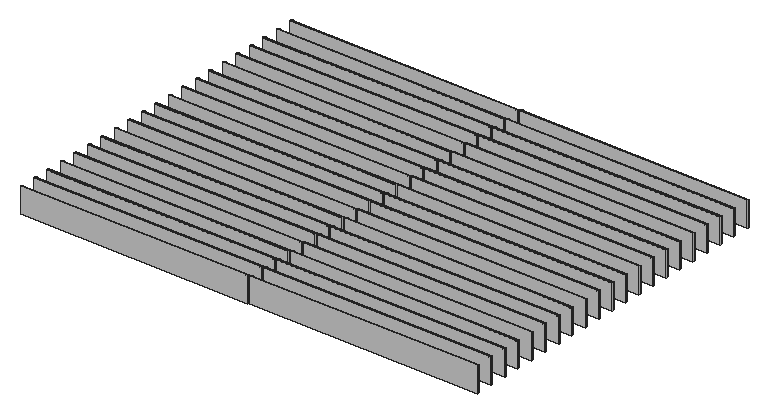
Revit family "BFL-SGL-001_RTV", category Modelos genéricos, Revit 2022
Family settings
  Puede alojar armadura = No
  Cota de conector redondo = Diámetro de uso
  Tipo de pieza = Normal
  Se basa en plano de trabajo = No
  Siempre vertical = Sí
  Corte con vacíos al cargar = No
  Mantener orientación de anotación = No
  Compartido = No
  Punto de cálculo de habitación = No
Parameters
  Elevación por defecto = 0.00"
Reference planes (in)
  plane 1 "Centro (Frontal/Posterior)": y = 0
  plane 2: z = 0
  plane 3 "Centro (Izquierda/Derecha)": x = 0
Forms (in)
  Extrusion 1, solid
    sketch origin (-108, 0, 0) x (1, 0, 0) y (0, 1, 0)
      loop
        line (0, 0.11811) -> (0, 0) -> (108, 0) -> (108, 0.11811) -> (0, 0.11811)
    from 0 to 12
  Extrusion 2, solid
    sketch origin (-108, 0, 0) x (1, 0, 0) y (0, 1, 0)
      loop
        line (0, 0.59055) -> (0, 0.11811) -> (108, 0.11811) -> (108, 0.59055) -> (0, 0.59055)
    from 0 to 12
  Extrusion 3, solid
    sketch origin (-108, 0.59055, 0) x (1, 0, 0) y (0, 1, 0)
      loop
        line (0, 0.11811) -> (0, 0) -> (108, 0) -> (108, 0.11811) -> (0, 0.11811)
    from 0 to 12
  Extrusion 4, solid, not visible
    sketch origin (0, 0, 0) x (1, 0, 0) y (0, 1, 0)
      loop
        line (0, 0.11811) -> (0, 0) -> (108, 0) -> (108, 0.11811) -> (0, 0.11811)
    from 0 to 12
  Extrusion 5, solid, not visible
    sketch origin (0, 0, 0) x (1, 0, 0) y (0, 1, 0)
      loop
        line (0, 0.59055) -> (0, 0.11811) -> (108, 0.11811) -> (108, 0.59055) -> (0, 0.59055)
    from 0 to 12
  Extrusion 6, solid, not visible
    sketch origin (0, 0.59055, 0) x (1, 0, 0) y (0, 1, 0)
      loop
        line (0, 0.11811) -> (0, 0) -> (108, 0) -> (108, 0.11811) -> (0, 0.11811)
    from 0 to 12
  Extrusion 7, solid
    sketch origin (-108, 8, 0) x (1, 0, 0) y (0, 1, 0)
      loop
        line (0, 0.11811) -> (0, 0) -> (108, 0) -> (108, 0.11811) -> (0, 0.11811)
    from 0 to 12
  Extrusion 8, solid
    sketch origin (-108, 8, 0) x (1, 0, 0) y (0, 1, 0)
      loop
        line (0, 0.59055) -> (0, 0.11811) -> (108, 0.11811) -> (108, 0.59055) -> (0, 0.59055)
    from 0 to 12
  Extrusion 9, solid
    sketch origin (-108, 8.59055, 0) x (1, 0, 0) y (0, 1, 0)
      loop
        line (0, 0.11811) -> (0, 0) -> (108, 0) -> (108, 0.11811) -> (0, 0.11811)
    from 0 to 12
  Extrusion 10, solid
    sketch origin (-108, 16, 0) x (1, 0, 0) y (0, 1, 0)
      loop
        line (0, 0.11811) -> (0, 0) -> (108, 0) -> (108, 0.11811) -> (0, 0.11811)
    from 0 to 12
  Extrusion 11, solid
    sketch origin (-108, 16, 0) x (1, 0, 0) y (0, 1, 0)
      loop
        line (0, 0.59055) -> (0, 0.11811) -> (108, 0.11811) -> (108, 0.59055) -> (0, 0.59055)
    from 0 to 12
  Extrusion 12, solid
    sketch origin (-108, 16.59055, 0) x (1, 0, 0) y (0, 1, 0)
      loop
        line (0, 0.11811) -> (0, 0) -> (108, 0) -> (108, 0.11811) -> (0, 0.11811)
    from 0 to 12
  Extrusion 13, solid
    sketch origin (-108, 24, 0) x (1, 0, 0) y (0, 1, 0)
      loop
        line (0, 0.11811) -> (0, 0) -> (108, 0) -> (108, 0.11811) -> (0, 0.11811)
    from 0 to 12
  Extrusion 14, solid
    sketch origin (-108, 24, 0) x (1, 0, 0) y (0, 1, 0)
      loop
        line (0, 0.59055) -> (0, 0.11811) -> (108, 0.11811) -> (108, 0.59055) -> (0, 0.59055)
    from 0 to 12
  Extrusion 15, solid
    sketch origin (-108, 24.59055, 0) x (1, 0, 0) y (0, 1, 0)
      loop
        line (0, 0.11811) -> (0, 0) -> (108, 0) -> (108, 0.11811) -> (0, 0.11811)
    from 0 to 12
  Extrusion 16, solid
    sketch origin (-108, 32, 0) x (1, 0, 0) y (0, 1, 0)
      loop
        line (0, 0.11811) -> (0, 0) -> (108, 0) -> (108, 0.11811) -> (0, 0.11811)
    from 0 to 12
  Extrusion 17, solid
    sketch origin (-108, 32, 0) x (1, 0, 0) y (0, 1, 0)
      loop
        line (0, 0.59055) -> (0, 0.11811) -> (108, 0.11811) -> (108, 0.59055) -> (0, 0.59055)
    from 0 to 12
  Extrusion 18, solid
    sketch origin (-108, 32.59055, 0) x (1, 0, 0) y (0, 1, 0)
      loop
        line (0, 0.11811) -> (0, 0) -> (108, 0) -> (108, 0.11811) -> (0, 0.11811)
    from 0 to 12
  Extrusion 19, solid
    sketch origin (-108, 40, 0) x (1, 0, 0) y (0, 1, 0)
      loop
        line (0, 0.11811) -> (0, 0) -> (108, 0) -> (108, 0.11811) -> (0, 0.11811)
    from 0 to 12
  Extrusion 20, solid
    sketch origin (-108, 40, 0) x (1, 0, 0) y (0, 1, 0)
      loop
        line (0, 0.59055) -> (0, 0.11811) -> (108, 0.11811) -> (108, 0.59055) -> (0, 0.59055)
    from 0 to 12
  Extrusion 21, solid
    sketch origin (-108, 40.59055, 0) x (1, 0, 0) y (0, 1, 0)
      loop
        line (0, 0.11811) -> (0, 0) -> (108, 0) -> (108, 0.11811) -> (0, 0.11811)
    from 0 to 12
  Extrusion 22, solid
    sketch origin (1, 0, 0) x (1, 0, 0) y (0, 1, 0)
      loop
        line (0, 0.11811) -> (0, 0) -> (108, 0) -> (108, 0.11811) -> (0, 0.11811)
    from 0 to 12
  Extrusion 23, solid
    sketch origin (1, 0, 0) x (1, 0, 0) y (0, 1, 0)
      loop
        line (0, 0.59055) -> (0, 0.11811) -> (108, 0.11811) -> (108, 0.59055) -> (0, 0.59055)
    from 0 to 12
  Extrusion 24, solid
    sketch origin (1, 0.59055, 0) x (1, 0, 0) y (0, 1, 0)
      loop
        line (0, 0.11811) -> (0, 0) -> (108, 0) -> (108, 0.11811) -> (0, 0.11811)
    from 0 to 12
  Extrusion 25, solid
    sketch origin (1, 8, 0) x (1, 0, 0) y (0, 1, 0)
      loop
        line (0, 0.11811) -> (0, 0) -> (108, 0) -> (108, 0.11811) -> (0, 0.11811)
    from 0 to 12
  Extrusion 26, solid
    sketch origin (1, 8, 0) x (1, 0, 0) y (0, 1, 0)
      loop
        line (0, 0.59055) -> (0, 0.11811) -> (108, 0.11811) -> (108, 0.59055) -> (0, 0.59055)
    from 0 to 12
  Extrusion 27, solid
    sketch origin (1, 8.59055, 0) x (1, 0, 0) y (0, 1, 0)
      loop
        line (0, 0.11811) -> (0, 0) -> (108, 0) -> (108, 0.11811) -> (0, 0.11811)
    from 0 to 12
  Extrusion 28, solid
    sketch origin (1, 16, 0) x (1, 0, 0) y (0, 1, 0)
      loop
        line (0, 0.11811) -> (0, 0) -> (108, 0) -> (108, 0.11811) -> (0, 0.11811)
    from 0 to 12
  Extrusion 29, solid
    sketch origin (1, 16, 0) x (1, 0, 0) y (0, 1, 0)
      loop
        line (0, 0.59055) -> (0, 0.11811) -> (108, 0.11811) -> (108, 0.59055) -> (0, 0.59055)
    from 0 to 12
  Extrusion 30, solid
    sketch origin (1, 16.59055, 0) x (1, 0, 0) y (0, 1, 0)
      loop
        line (0, 0.11811) -> (0, 0) -> (108, 0) -> (108, 0.11811) -> (0, 0.11811)
    from 0 to 12
  Extrusion 31, solid
    sketch origin (1, 24, 0) x (1, 0, 0) y (0, 1, 0)
      loop
        line (0, 0.11811) -> (0, 0) -> (108, 0) -> (108, 0.11811) -> (0, 0.11811)
    from 0 to 12
  Extrusion 32, solid
    sketch origin (1, 24, 0) x (1, 0, 0) y (0, 1, 0)
      loop
        line (0, 0.59055) -> (0, 0.11811) -> (108, 0.11811) -> (108, 0.59055) -> (0, 0.59055)
    from 0 to 12
  Extrusion 33, solid
    sketch origin (1, 24.59055, 0) x (1, 0, 0) y (0, 1, 0)
      loop
        line (0, 0.11811) -> (0, 0) -> (108, 0) -> (108, 0.11811) -> (0, 0.11811)
    from 0 to 12
  Extrusion 34, solid
    sketch origin (1, 32, 0) x (1, 0, 0) y (0, 1, 0)
      loop
        line (0, 0.11811) -> (0, 0) -> (108, 0) -> (108, 0.11811) -> (0, 0.11811)
    from 0 to 12
  Extrusion 35, solid
    sketch origin (1, 32, 0) x (1, 0, 0) y (0, 1, 0)
      loop
        line (0, 0.59055) -> (0, 0.11811) -> (108, 0.11811) -> (108, 0.59055) -> (0, 0.59055)
    from 0 to 12
  Extrusion 36, solid
    sketch origin (1, 32.59055, 0) x (1, 0, 0) y (0, 1, 0)
      loop
        line (0, 0.11811) -> (0, 0) -> (108, 0) -> (108, 0.11811) -> (0, 0.11811)
    from 0 to 12
  Extrusion 37, solid
    sketch origin (1, 40, 0) x (1, 0, 0) y (0, 1, 0)
      loop
        line (0, 0.11811) -> (0, 0) -> (108, 0) -> (108, 0.11811) -> (0, 0.11811)
    from 0 to 12
  Extrusion 38, solid
    sketch origin (1, 40, 0) x (1, 0, 0) y (0, 1, 0)
      loop
        line (0, 0.59055) -> (0, 0.11811) -> (108, 0.11811) -> (108, 0.59055) -> (0, 0.59055)
    from 0 to 12
  Extrusion 39, solid
    sketch origin (1, 40.59055, 0) x (1, 0, 0) y (0, 1, 0)
      loop
        line (0, 0.11811) -> (0, 0) -> (108, 0) -> (108, 0.11811) -> (0, 0.11811)
    from 0 to 12
  Extrusion 40, solid, not visible
    sketch origin (0, 0, 0) x (1, 0, 0) y (0, 1, 0)
      loop
        line (0, 0.11811) -> (0, 0) -> (108, 0) -> (108, 0.11811) -> (0, 0.11811)
    from 0 to 12
  Extrusion 41, solid, not visible
    sketch origin (0, 0, 0) x (1, 0, 0) y (0, 1, 0)
      loop
        line (0, 0.59055) -> (0, 0.11811) -> (108, 0.11811) -> (108, 0.59055) -> (0, 0.59055)
    from 0 to 12
  Extrusion 42, solid, not visible
    sketch origin (0, 0.59055, 0) x (1, 0, 0) y (0, 1, 0)
      loop
        line (0, 0.11811) -> (0, 0) -> (108, 0) -> (108, 0.11811) -> (0, 0.11811)
    from 0 to 12
  Extrusion 43, solid, not visible
    sketch origin (0, 8, 0) x (1, 0, 0) y (0, 1, 0)
      loop
        line (0, 0.11811) -> (0, 0) -> (108, 0) -> (108, 0.11811) -> (0, 0.11811)
    from 0 to 12
  Extrusion 44, solid, not visible
    sketch origin (0, 8, 0) x (1, 0, 0) y (0, 1, 0)
      loop
        line (0, 0.59055) -> (0, 0.11811) -> (108, 0.11811) -> (108, 0.59055) -> (0, 0.59055)
    from 0 to 12
  Extrusion 45, solid, not visible
    sketch origin (0, 8.59055, 0) x (1, 0, 0) y (0, 1, 0)
      loop
        line (0, 0.11811) -> (0, 0) -> (108, 0) -> (108, 0.11811) -> (0, 0.11811)
    from 0 to 12
  Extrusion 46, solid, not visible
    sketch origin (0, 16, 0) x (1, 0, 0) y (0, 1, 0)
      loop
        line (0, 0.11811) -> (0, 0) -> (108, 0) -> (108, 0.11811) -> (0, 0.11811)
    from 0 to 12
  Extrusion 47, solid, not visible
    sketch origin (0, 16, 0) x (1, 0, 0) y (0, 1, 0)
      loop
        line (0, 0.59055) -> (0, 0.11811) -> (108, 0.11811) -> (108, 0.59055) -> (0, 0.59055)
    from 0 to 12
  Extrusion 48, solid, not visible
    sketch origin (0, 16.59055, 0) x (1, 0, 0) y (0, 1, 0)
      loop
        line (0, 0.11811) -> (0, 0) -> (108, 0) -> (108, 0.11811) -> (0, 0.11811)
    from 0 to 12
  Extrusion 49, solid, not visible
    sketch origin (0, 24, 0) x (1, 0, 0) y (0, 1, 0)
      loop
        line (0, 0.11811) -> (0, 0) -> (108, 0) -> (108, 0.11811) -> (0, 0.11811)
    from 0 to 12
  Extrusion 50, solid, not visible
    sketch origin (0, 24, 0) x (1, 0, 0) y (0, 1, 0)
      loop
        line (0, 0.59055) -> (0, 0.11811) -> (108, 0.11811) -> (108, 0.59055) -> (0, 0.59055)
    from 0 to 12
  Extrusion 51, solid, not visible
    sketch origin (0, 24.59055, 0) x (1, 0, 0) y (0, 1, 0)
      loop
        line (0, 0.11811) -> (0, 0) -> (108, 0) -> (108, 0.11811) -> (0, 0.11811)
    from 0 to 12
  Extrusion 52, solid, not visible
    sketch origin (0, 32, 0) x (1, 0, 0) y (0, 1, 0)
      loop
        line (0, 0.11811) -> (0, 0) -> (108, 0) -> (108, 0.11811) -> (0, 0.11811)
    from 0 to 12
  Extrusion 53, solid, not visible
    sketch origin (0, 32, 0) x (1, 0, 0) y (0, 1, 0)
      loop
        line (0, 0.59055) -> (0, 0.11811) -> (108, 0.11811) -> (108, 0.59055) -> (0, 0.59055)
    from 0 to 12
  Extrusion 54, solid, not visible
    sketch origin (0, 32.59055, 0) x (1, 0, 0) y (0, 1, 0)
      loop
        line (0, 0.11811) -> (0, 0) -> (108, 0) -> (108, 0.11811) -> (0, 0.11811)
    from 0 to 12
  Extrusion 55, solid, not visible
    sketch origin (0, 40, 0) x (1, 0, 0) y (0, 1, 0)
      loop
        line (0, 0.11811) -> (0, 0) -> (108, 0) -> (108, 0.11811) -> (0, 0.11811)
    from 0 to 12
  Extrusion 56, solid, not visible
    sketch origin (0, 40, 0) x (1, 0, 0) y (0, 1, 0)
      loop
        line (0, 0.59055) -> (0, 0.11811) -> (108, 0.11811) -> (108, 0.59055) -> (0, 0.59055)
    from 0 to 12
  Extrusion 57, solid, not visible
    sketch origin (0, 40.59055, 0) x (1, 0, 0) y (0, 1, 0)
      loop
        line (0, 0.11811) -> (0, 0) -> (108, 0) -> (108, 0.11811) -> (0, 0.11811)
    from 0 to 12
  Extrusion 58, solid, not visible
    sketch origin (0, 48, 0) x (1, 0, 0) y (0, 1, 0)
      loop
        line (0, 0.11811) -> (0, 0) -> (108, 0) -> (108, 0.11811) -> (0, 0.11811)
    from 0 to 12
  Extrusion 59, solid, not visible
    sketch origin (0, 48, 0) x (1, 0, 0) y (0, 1, 0)
      loop
        line (0, 0.59055) -> (0, 0.11811) -> (108, 0.11811) -> (108, 0.59055) -> (0, 0.59055)
    from 0 to 12
  Extrusion 60, solid, not visible
    sketch origin (0, 48.59055, 0) x (1, 0, 0) y (0, 1, 0)
      loop
        line (0, 0.11811) -> (0, 0) -> (108, 0) -> (108, 0.11811) -> (0, 0.11811)
    from 0 to 12
  Extrusion 61, solid, not visible
    sketch origin (0, 56, 0) x (1, 0, 0) y (0, 1, 0)
      loop
        line (0, 0.11811) -> (0, 0) -> (108, 0) -> (108, 0.11811) -> (0, 0.11811)
    from 0 to 12
  Extrusion 62, solid, not visible
    sketch origin (0, 56, 0) x (1, 0, 0) y (0, 1, 0)
      loop
        line (0, 0.59055) -> (0, 0.11811) -> (108, 0.11811) -> (108, 0.59055) -> (0, 0.59055)
    from 0 to 12
  Extrusion 63, solid, not visible
    sketch origin (0, 56.59055, 0) x (1, 0, 0) y (0, 1, 0)
      loop
        line (0, 0.11811) -> (0, 0) -> (108, 0) -> (108, 0.11811) -> (0, 0.11811)
    from 0 to 12
  Extrusion 64, solid, not visible
    sketch origin (0, 64, 0) x (1, 0, 0) y (0, 1, 0)
      loop
        line (0, 0.11811) -> (0, 0) -> (108, 0) -> (108, 0.11811) -> (0, 0.11811)
    from 0 to 12
  Extrusion 65, solid, not visible
    sketch origin (0, 64, 0) x (1, 0, 0) y (0, 1, 0)
      loop
        line (0, 0.59055) -> (0, 0.11811) -> (108, 0.11811) -> (108, 0.59055) -> (0, 0.59055)
    from 0 to 12
  Extrusion 66, solid, not visible
    sketch origin (0, 64.59055, 0) x (1, 0, 0) y (0, 1, 0)
      loop
        line (0, 0.11811) -> (0, 0) -> (108, 0) -> (108, 0.11811) -> (0, 0.11811)
    from 0 to 12
  Extrusion 67, solid, not visible
    sketch origin (0, 72, 0) x (1, 0, 0) y (0, 1, 0)
      loop
        line (0, 0.11811) -> (0, 0) -> (108, 0) -> (108, 0.11811) -> (0, 0.11811)
    from 0 to 12
  Extrusion 68, solid, not visible
    sketch origin (0, 72, 0) x (1, 0, 0) y (0, 1, 0)
      loop
        line (0, 0.59055) -> (0, 0.11811) -> (108, 0.11811) -> (108, 0.59055) -> (0, 0.59055)
    from 0 to 12
  Extrusion 69, solid, not visible
    sketch origin (0, 72.59055, 0) x (1, 0, 0) y (0, 1, 0)
      loop
        line (0, 0.11811) -> (0, 0) -> (108, 0) -> (108, 0.11811) -> (0, 0.11811)
    from 0 to 12
  Extrusion 70, solid, not visible
    sketch origin (0, 80, 0) x (1, 0, 0) y (0, 1, 0)
      loop
        line (0, 0.11811) -> (0, 0) -> (108, 0) -> (108, 0.11811) -> (0, 0.11811)
    from 0 to 12
  Extrusion 71, solid, not visible
    sketch origin (0, 80, 0) x (1, 0, 0) y (0, 1, 0)
      loop
        line (0, 0.59055) -> (0, 0.11811) -> (108, 0.11811) -> (108, 0.59055) -> (0, 0.59055)
    from 0 to 12
  Extrusion 72, solid, not visible
    sketch origin (0, 80.59055, 0) x (1, 0, 0) y (0, 1, 0)
      loop
        line (0, 0.11811) -> (0, 0) -> (108, 0) -> (108, 0.11811) -> (0, 0.11811)
    from 0 to 12
  Extrusion 73, solid, not visible
    sketch origin (0, 88, 0) x (1, 0, 0) y (0, 1, 0)
      loop
        line (0, 0.11811) -> (0, 0) -> (108, 0) -> (108, 0.11811) -> (0, 0.11811)
    from 0 to 12
  Extrusion 74, solid, not visible
    sketch origin (0, 88, 0) x (1, 0, 0) y (0, 1, 0)
      loop
        line (0, 0.59055) -> (0, 0.11811) -> (108, 0.11811) -> (108, 0.59055) -> (0, 0.59055)
    from 0 to 12
  Extrusion 75, solid, not visible
    sketch origin (0, 88.59055, 0) x (1, 0, 0) y (0, 1, 0)
      loop
        line (0, 0.11811) -> (0, 0) -> (108, 0) -> (108, 0.11811) -> (0, 0.11811)
    from 0 to 12
  Extrusion 76, solid, not visible
    sketch origin (0, 96, 0) x (1, 0, 0) y (0, 1, 0)
      loop
        line (0, 0.11811) -> (0, 0) -> (108, 0) -> (108, 0.11811) -> (0, 0.11811)
    from 0 to 12
  Extrusion 77, solid, not visible
    sketch origin (0, 96, 0) x (1, 0, 0) y (0, 1, 0)
      loop
        line (0, 0.59055) -> (0, 0.11811) -> (108, 0.11811) -> (108, 0.59055) -> (0, 0.59055)
    from 0 to 12
  Extrusion 78, solid, not visible
    sketch origin (0, 96.59055, 0) x (1, 0, 0) y (0, 1, 0)
      loop
        line (0, 0.11811) -> (0, 0) -> (108, 0) -> (108, 0.11811) -> (0, 0.11811)
    from 0 to 12
  Extrusion 79, solid, not visible
    sketch origin (0, 104, 0) x (1, 0, 0) y (0, 1, 0)
      loop
        line (0, 0.11811) -> (0, 0) -> (108, 0) -> (108, 0.11811) -> (0, 0.11811)
    from 0 to 12
  Extrusion 80, solid, not visible
    sketch origin (0, 104, 0) x (1, 0, 0) y (0, 1, 0)
      loop
        line (0, 0.59055) -> (0, 0.11811) -> (108, 0.11811) -> (108, 0.59055) -> (0, 0.59055)
    from 0 to 12
  Extrusion 81, solid, not visible
    sketch origin (0, 104.59055, 0) x (1, 0, 0) y (0, 1, 0)
      loop
        line (0, 0.11811) -> (0, 0) -> (108, 0) -> (108, 0.11811) -> (0, 0.11811)
    from 0 to 12
  Extrusion 82, solid, not visible
    sketch origin (0, 112, 0) x (1, 0, 0) y (0, 1, 0)
      loop
        line (0, 0.11811) -> (0, 0) -> (108, 0) -> (108, 0.11811) -> (0, 0.11811)
    from 0 to 12
  Extrusion 83, solid, not visible
    sketch origin (0, 112, 0) x (1, 0, 0) y (0, 1, 0)
      loop
        line (0, 0.59055) -> (0, 0.11811) -> (108, 0.11811) -> (108, 0.59055) -> (0, 0.59055)
    from 0 to 12
  Extrusion 84, solid, not visible
    sketch origin (0, 112.59055, 0) x (1, 0, 0) y (0, 1, 0)
      loop
        line (0, 0.11811) -> (0, 0) -> (108, 0) -> (108, 0.11811) -> (0, 0.11811)
    from 0 to 12
  Extrusion 85, solid, not visible
    sketch origin (0, 120, 0) x (1, 0, 0) y (0, 1, 0)
      loop
        line (0, 0.11811) -> (0, 0) -> (108, 0) -> (108, 0.11811) -> (0, 0.11811)
    from 0 to 12
  Extrusion 86, solid, not visible
    sketch origin (0, 120, 0) x (1, 0, 0) y (0, 1, 0)
      loop
        line (0, 0.59055) -> (0, 0.11811) -> (108, 0.11811) -> (108, 0.59055) -> (0, 0.59055)
    from 0 to 12
  Extrusion 87, solid, not visible
    sketch origin (0, 120.59055, 0) x (1, 0, 0) y (0, 1, 0)
      loop
        line (0, 0.11811) -> (0, 0) -> (108, 0) -> (108, 0.11811) -> (0, 0.11811)
    from 0 to 12
  Extrusion 88, solid, not visible
    sketch origin (0, 128, 0) x (1, 0, 0) y (0, 1, 0)
      loop
        line (0, 0.11811) -> (0, 0) -> (108, 0) -> (108, 0.11811) -> (0, 0.11811)
    from 0 to 12
  Extrusion 89, solid, not visible
    sketch origin (0, 128, 0) x (1, 0, 0) y (0, 1, 0)
      loop
        line (0, 0.59055) -> (0, 0.11811) -> (108, 0.11811) -> (108, 0.59055) -> (0, 0.59055)
    from 0 to 12
  Extrusion 90, solid, not visible
    sketch origin (0, 128.59055, 0) x (1, 0, 0) y (0, 1, 0)
      loop
        line (0, 0.11811) -> (0, 0) -> (108, 0) -> (108, 0.11811) -> (0, 0.11811)
    from 0 to 12
  Extrusion 91, solid, not visible
    sketch origin (0, 136, 0) x (1, 0, 0) y (0, 1, 0)
      loop
        line (0, 0.11811) -> (0, 0) -> (108, 0) -> (108, 0.11811) -> (0, 0.11811)
    from 0 to 12
  Extrusion 92, solid, not visible
    sketch origin (0, 136, 0) x (1, 0, 0) y (0, 1, 0)
      loop
        line (0, 0.59055) -> (0, 0.11811) -> (108, 0.11811) -> (108, 0.59055) -> (0, 0.59055)
    from 0 to 12
  Extrusion 93, solid, not visible
    sketch origin (0, 136.59055, 0) x (1, 0, 0) y (0, 1, 0)
      loop
        line (0, 0.11811) -> (0, 0) -> (108, 0) -> (108, 0.11811) -> (0, 0.11811)
    from 0 to 12
  Extrusion 94, solid, not visible
    sketch origin (0, 144, 0) x (1, 0, 0) y (0, 1, 0)
      loop
        line (0, 0.11811) -> (0, 0) -> (108, 0) -> (108, 0.11811) -> (0, 0.11811)
    from 0 to 12
  Extrusion 95, solid, not visible
    sketch origin (0, 144, 0) x (1, 0, 0) y (0, 1, 0)
      loop
        line (0, 0.59055) -> (0, 0.11811) -> (108, 0.11811) -> (108, 0.59055) -> (0, 0.59055)
    from 0 to 12
  Extrusion 96, solid, not visible
    sketch origin (0, 144.59055, 0) x (1, 0, 0) y (0, 1, 0)
      loop
        line (0, 0.11811) -> (0, 0) -> (108, 0) -> (108, 0.11811) -> (0, 0.11811)
    from 0 to 12
  Extrusion 97, solid, not visible
    sketch origin (0, 152, 0) x (1, 0, 0) y (0, 1, 0)
      loop
        line (0, 0.11811) -> (0, 0) -> (108, 0) -> (108, 0.11811) -> (0, 0.11811)
    from 0 to 12
  Extrusion 98, solid, not visible
    sketch origin (0, 152, 0) x (1, 0, 0) y (0, 1, 0)
      loop
        line (0, 0.59055) -> (0, 0.11811) -> (108, 0.11811) -> (108, 0.59055) -> (0, 0.59055)
    from 0 to 12
  Extrusion 99, solid, not visible
    sketch origin (0, 152.59055, 0) x (1, 0, 0) y (0, 1, 0)
      loop
        line (0, 0.11811) -> (0, 0) -> (108, 0) -> (108, 0.11811) -> (0, 0.11811)
    from 0 to 12
  Extrusion 100, solid, not visible
    sketch origin (109, 0, 0) x (1, 0, 0) y (0, 1, 0)
      loop
        line (0, 0.11811) -> (0, 0) -> (108, 0) -> (108, 0.11811) -> (0, 0.11811)
    from 0 to 12
  Extrusion 101, solid, not visible
    sketch origin (109, 0, 0) x (1, 0, 0) y (0, 1, 0)
      loop
        line (0, 0.59055) -> (0, 0.11811) -> (108, 0.11811) -> (108, 0.59055) -> (0, 0.59055)
    from 0 to 12
  Extrusion 102, solid, not visible
    sketch origin (109, 0.59055, 0) x (1, 0, 0) y (0, 1, 0)
      loop
        line (0, 0.11811) -> (0, 0) -> (108, 0) -> (108, 0.11811) -> (0, 0.11811)
    from 0 to 12
  Extrusion 103, solid, not visible
    sketch origin (109, 8, 0) x (1, 0, 0) y (0, 1, 0)
      loop
        line (0, 0.11811) -> (0, 0) -> (108, 0) -> (108, 0.11811) -> (0, 0.11811)
    from 0 to 12
  Extrusion 104, solid, not visible
    sketch origin (109, 8, 0) x (1, 0, 0) y (0, 1, 0)
      loop
        line (0, 0.59055) -> (0, 0.11811) -> (108, 0.11811) -> (108, 0.59055) -> (0, 0.59055)
    from 0 to 12
  Extrusion 105, solid, not visible
    sketch origin (109, 8.59055, 0) x (1, 0, 0) y (0, 1, 0)
      loop
        line (0, 0.11811) -> (0, 0) -> (108, 0) -> (108, 0.11811) -> (0, 0.11811)
    from 0 to 12
  Extrusion 106, solid, not visible
    sketch origin (109, 16, 0) x (1, 0, 0) y (0, 1, 0)
      loop
        line (0, 0.11811) -> (0, 0) -> (108, 0) -> (108, 0.11811) -> (0, 0.11811)
    from 0 to 12
  Extrusion 107, solid, not visible
    sketch origin (109, 16, 0) x (1, 0, 0) y (0, 1, 0)
      loop
        line (0, 0.59055) -> (0, 0.11811) -> (108, 0.11811) -> (108, 0.59055) -> (0, 0.59055)
    from 0 to 12
  Extrusion 108, solid, not visible
    sketch origin (109, 16.59055, 0) x (1, 0, 0) y (0, 1, 0)
      loop
        line (0, 0.11811) -> (0, 0) -> (108, 0) -> (108, 0.11811) -> (0, 0.11811)
    from 0 to 12
  Extrusion 109, solid, not visible
    sketch origin (109, 24, 0) x (1, 0, 0) y (0, 1, 0)
      loop
        line (0, 0.11811) -> (0, 0) -> (108, 0) -> (108, 0.11811) -> (0, 0.11811)
    from 0 to 12
  Extrusion 110, solid, not visible
    sketch origin (109, 24, 0) x (1, 0, 0) y (0, 1, 0)
      loop
        line (0, 0.59055) -> (0, 0.11811) -> (108, 0.11811) -> (108, 0.59055) -> (0, 0.59055)
    from 0 to 12
  Extrusion 111, solid, not visible
    sketch origin (109, 24.59055, 0) x (1, 0, 0) y (0, 1, 0)
      loop
        line (0, 0.11811) -> (0, 0) -> (108, 0) -> (108, 0.11811) -> (0, 0.11811)
    from 0 to 12
  Extrusion 112, solid, not visible
    sketch origin (109, 32, 0) x (1, 0, 0) y (0, 1, 0)
      loop
        line (0, 0.11811) -> (0, 0) -> (108, 0) -> (108, 0.11811) -> (0, 0.11811)
    from 0 to 12
  Extrusion 113, solid, not visible
    sketch origin (109, 32, 0) x (1, 0, 0) y (0, 1, 0)
      loop
        line (0, 0.59055) -> (0, 0.11811) -> (108, 0.11811) -> (108, 0.59055) -> (0, 0.59055)
    from 0 to 12
  Extrusion 114, solid, not visible
    sketch origin (109, 32.59055, 0) x (1, 0, 0) y (0, 1, 0)
      loop
        line (0, 0.11811) -> (0, 0) -> (108, 0) -> (108, 0.11811) -> (0, 0.11811)
    from 0 to 12
  Extrusion 115, solid, not visible
    sketch origin (109, 40, 0) x (1, 0, 0) y (0, 1, 0)
      loop
        line (0, 0.11811) -> (0, 0) -> (108, 0) -> (108, 0.11811) -> (0, 0.11811)
    from 0 to 12
  Extrusion 116, solid, not visible
    sketch origin (109, 40, 0) x (1, 0, 0) y (0, 1, 0)
      loop
        line (0, 0.59055) -> (0, 0.11811) -> (108, 0.11811) -> (108, 0.59055) -> (0, 0.59055)
    from 0 to 12
  Extrusion 117, solid, not visible
    sketch origin (109, 40.59055, 0) x (1, 0, 0) y (0, 1, 0)
      loop
        line (0, 0.11811) -> (0, 0) -> (108, 0) -> (108, 0.11811) -> (0, 0.11811)
    from 0 to 12
  Extrusion 118, solid, not visible
    sketch origin (109, 48, 0) x (1, 0, 0) y (0, 1, 0)
      loop
        line (0, 0.11811) -> (0, 0) -> (108, 0) -> (108, 0.11811) -> (0, 0.11811)
    from 0 to 12
  Extrusion 119, solid, not visible
    sketch origin (109, 48, 0) x (1, 0, 0) y (0, 1, 0)
      loop
        line (0, 0.59055) -> (0, 0.11811) -> (108, 0.11811) -> (108, 0.59055) -> (0, 0.59055)
    from 0 to 12
  Extrusion 120, solid, not visible
    sketch origin (109, 48.59055, 0) x (1, 0, 0) y (0, 1, 0)
      loop
        line (0, 0.11811) -> (0, 0) -> (108, 0) -> (108, 0.11811) -> (0, 0.11811)
    from 0 to 12
  Extrusion 121, solid, not visible
    sketch origin (109, 56, 0) x (1, 0, 0) y (0, 1, 0)
      loop
        line (0, 0.11811) -> (0, 0) -> (108, 0) -> (108, 0.11811) -> (0, 0.11811)
    from 0 to 12
  Extrusion 122, solid, not visible
    sketch origin (109, 56, 0) x (1, 0, 0) y (0, 1, 0)
      loop
        line (0, 0.59055) -> (0, 0.11811) -> (108, 0.11811) -> (108, 0.59055) -> (0, 0.59055)
    from 0 to 12
  Extrusion 123, solid, not visible
    sketch origin (109, 56.59055, 0) x (1, 0, 0) y (0, 1, 0)
      loop
        line (0, 0.11811) -> (0, 0) -> (108, 0) -> (108, 0.11811) -> (0, 0.11811)
    from 0 to 12
  Extrusion 124, solid, not visible
    sketch origin (109, 64, 0) x (1, 0, 0) y (0, 1, 0)
      loop
        line (0, 0.11811) -> (0, 0) -> (108, 0) -> (108, 0.11811) -> (0, 0.11811)
    from 0 to 12
  Extrusion 125, solid, not visible
    sketch origin (109, 64, 0) x (1, 0, 0) y (0, 1, 0)
      loop
        line (0, 0.59055) -> (0, 0.11811) -> (108, 0.11811) -> (108, 0.59055) -> (0, 0.59055)
    from 0 to 12
  Extrusion 126, solid, not visible
    sketch origin (109, 64.59055, 0) x (1, 0, 0) y (0, 1, 0)
      loop
        line (0, 0.11811) -> (0, 0) -> (108, 0) -> (108, 0.11811) -> (0, 0.11811)
    from 0 to 12
  Extrusion 127, solid, not visible
    sketch origin (109, 72, 0) x (1, 0, 0) y (0, 1, 0)
      loop
        line (0, 0.11811) -> (0, 0) -> (108, 0) -> (108, 0.11811) -> (0, 0.11811)
    from 0 to 12
  Extrusion 128, solid, not visible
    sketch origin (109, 72, 0) x (1, 0, 0) y (0, 1, 0)
      loop
        line (0, 0.59055) -> (0, 0.11811) -> (108, 0.11811) -> (108, 0.59055) -> (0, 0.59055)
    from 0 to 12
  Extrusion 129, solid, not visible
    sketch origin (109, 72.59055, 0) x (1, 0, 0) y (0, 1, 0)
      loop
        line (0, 0.11811) -> (0, 0) -> (108, 0) -> (108, 0.11811) -> (0, 0.11811)
    from 0 to 12
  Extrusion 130, solid, not visible
    sketch origin (109, 80, 0) x (1, 0, 0) y (0, 1, 0)
      loop
        line (0, 0.11811) -> (0, 0) -> (108, 0) -> (108, 0.11811) -> (0, 0.11811)
    from 0 to 12
  Extrusion 131, solid, not visible
    sketch origin (109, 80, 0) x (1, 0, 0) y (0, 1, 0)
      loop
        line (0, 0.59055) -> (0, 0.11811) -> (108, 0.11811) -> (108, 0.59055) -> (0, 0.59055)
    from 0 to 12
  Extrusion 132, solid, not visible
    sketch origin (109, 80.59055, 0) x (1, 0, 0) y (0, 1, 0)
      loop
        line (0, 0.11811) -> (0, 0) -> (108, 0) -> (108, 0.11811) -> (0, 0.11811)
    from 0 to 12
  Extrusion 133, solid, not visible
    sketch origin (109, 88, 0) x (1, 0, 0) y (0, 1, 0)
      loop
        line (0, 0.11811) -> (0, 0) -> (108, 0) -> (108, 0.11811) -> (0, 0.11811)
    from 0 to 12
  Extrusion 134, solid, not visible
    sketch origin (109, 88, 0) x (1, 0, 0) y (0, 1, 0)
      loop
        line (0, 0.59055) -> (0, 0.11811) -> (108, 0.11811) -> (108, 0.59055) -> (0, 0.59055)
    from 0 to 12
  Extrusion 135, solid, not visible
    sketch origin (109, 88.59055, 0) x (1, 0, 0) y (0, 1, 0)
      loop
        line (0, 0.11811) -> (0, 0) -> (108, 0) -> (108, 0.11811) -> (0, 0.11811)
    from 0 to 12
  Extrusion 136, solid, not visible
    sketch origin (109, 96, 0) x (1, 0, 0) y (0, 1, 0)
      loop
        line (0, 0.11811) -> (0, 0) -> (108, 0) -> (108, 0.11811) -> (0, 0.11811)
    from 0 to 12
  Extrusion 137, solid, not visible
    sketch origin (109, 96, 0) x (1, 0, 0) y (0, 1, 0)
      loop
        line (0, 0.59055) -> (0, 0.11811) -> (108, 0.11811) -> (108, 0.59055) -> (0, 0.59055)
    from 0 to 12
  Extrusion 138, solid, not visible
    sketch origin (109, 96.59055, 0) x (1, 0, 0) y (0, 1, 0)
      loop
        line (0, 0.11811) -> (0, 0) -> (108, 0) -> (108, 0.11811) -> (0, 0.11811)
    from 0 to 12
  Extrusion 139, solid, not visible
    sketch origin (109, 104, 0) x (1, 0, 0) y (0, 1, 0)
      loop
        line (0, 0.11811) -> (0, 0) -> (108, 0) -> (108, 0.11811) -> (0, 0.11811)
    from 0 to 12
  Extrusion 140, solid, not visible
    sketch origin (109, 104, 0) x (1, 0, 0) y (0, 1, 0)
      loop
        line (0, 0.59055) -> (0, 0.11811) -> (108, 0.11811) -> (108, 0.59055) -> (0, 0.59055)
    from 0 to 12
  Extrusion 141, solid, not visible
    sketch origin (109, 104.59055, 0) x (1, 0, 0) y (0, 1, 0)
      loop
        line (0, 0.11811) -> (0, 0) -> (108, 0) -> (108, 0.11811) -> (0, 0.11811)
    from 0 to 12
  Extrusion 142, solid, not visible
    sketch origin (109, 112, 0) x (1, 0, 0) y (0, 1, 0)
      loop
        line (0, 0.11811) -> (0, 0) -> (108, 0) -> (108, 0.11811) -> (0, 0.11811)
    from 0 to 12
  Extrusion 143, solid, not visible
    sketch origin (109, 112, 0) x (1, 0, 0) y (0, 1, 0)
      loop
        line (0, 0.59055) -> (0, 0.11811) -> (108, 0.11811) -> (108, 0.59055) -> (0, 0.59055)
    from 0 to 12
  Extrusion 144, solid, not visible
    sketch origin (109, 112.59055, 0) x (1, 0, 0) y (0, 1, 0)
      loop
        line (0, 0.11811) -> (0, 0) -> (108, 0) -> (108, 0.11811) -> (0, 0.11811)
    from 0 to 12
  Extrusion 145, solid, not visible
    sketch origin (109, 120, 0) x (1, 0, 0) y (0, 1, 0)
      loop
        line (0, 0.11811) -> (0, 0) -> (108, 0) -> (108, 0.11811) -> (0, 0.11811)
    from 0 to 12
  Extrusion 146, solid, not visible
    sketch origin (109, 120, 0) x (1, 0, 0) y (0, 1, 0)
      loop
        line (0, 0.59055) -> (0, 0.11811) -> (108, 0.11811) -> (108, 0.59055) -> (0, 0.59055)
    from 0 to 12
  Extrusion 147, solid, not visible
    sketch origin (109, 120.59055, 0) x (1, 0, 0) y (0, 1, 0)
      loop
        line (0, 0.11811) -> (0, 0) -> (108, 0) -> (108, 0.11811) -> (0, 0.11811)
    from 0 to 12
  Extrusion 148, solid, not visible
    sketch origin (109, 128, 0) x (1, 0, 0) y (0, 1, 0)
      loop
        line (0, 0.11811) -> (0, 0) -> (108, 0) -> (108, 0.11811) -> (0, 0.11811)
    from 0 to 12
  Extrusion 149, solid, not visible
    sketch origin (109, 128, 0) x (1, 0, 0) y (0, 1, 0)
      loop
        line (0, 0.59055) -> (0, 0.11811) -> (108, 0.11811) -> (108, 0.59055) -> (0, 0.59055)
    from 0 to 12
  Extrusion 150, solid, not visible
    sketch origin (109, 128.59055, 0) x (1, 0, 0) y (0, 1, 0)
      loop
        line (0, 0.11811) -> (0, 0) -> (108, 0) -> (108, 0.11811) -> (0, 0.11811)
    from 0 to 12
  Extrusion 151, solid, not visible
    sketch origin (109, 136, 0) x (1, 0, 0) y (0, 1, 0)
      loop
        line (0, 0.11811) -> (0, 0) -> (108, 0) -> (108, 0.11811) -> (0, 0.11811)
    from 0 to 12
  Extrusion 152, solid, not visible
    sketch origin (109, 136, 0) x (1, 0, 0) y (0, 1, 0)
      loop
        line (0, 0.59055) -> (0, 0.11811) -> (108, 0.11811) -> (108, 0.59055) -> (0, 0.59055)
    from 0 to 12
  Extrusion 153, solid, not visible
    sketch origin (109, 136.59055, 0) x (1, 0, 0) y (0, 1, 0)
      loop
        line (0, 0.11811) -> (0, 0) -> (108, 0) -> (108, 0.11811) -> (0, 0.11811)
    from 0 to 12
  Extrusion 154, solid, not visible
    sketch origin (109, 144, 0) x (1, 0, 0) y (0, 1, 0)
      loop
        line (0, 0.11811) -> (0, 0) -> (108, 0) -> (108, 0.11811) -> (0, 0.11811)
    from 0 to 12
  Extrusion 155, solid, not visible
    sketch origin (109, 144, 0) x (1, 0, 0) y (0, 1, 0)
      loop
        line (0, 0.59055) -> (0, 0.11811) -> (108, 0.11811) -> (108, 0.59055) -> (0, 0.59055)
    from 0 to 12
  Extrusion 156, solid, not visible
    sketch origin (109, 144.59055, 0) x (1, 0, 0) y (0, 1, 0)
      loop
        line (0, 0.11811) -> (0, 0) -> (108, 0) -> (108, 0.11811) -> (0, 0.11811)
    from 0 to 12
  Extrusion 157, solid, not visible
    sketch origin (109, 152, 0) x (1, 0, 0) y (0, 1, 0)
      loop
        line (0, 0.11811) -> (0, 0) -> (108, 0) -> (108, 0.11811) -> (0, 0.11811)
    from 0 to 12
  Extrusion 158, solid, not visible
    sketch origin (109, 152, 0) x (1, 0, 0) y (0, 1, 0)
      loop
        line (0, 0.59055) -> (0, 0.11811) -> (108, 0.11811) -> (108, 0.59055) -> (0, 0.59055)
    from 0 to 12
  Extrusion 159, solid, not visible
    sketch origin (109, 152.59055, 0) x (1, 0, 0) y (0, 1, 0)
      loop
        line (0, 0.11811) -> (0, 0) -> (108, 0) -> (108, 0.11811) -> (0, 0.11811)
    from 0 to 12
  Extrusion 160, solid
    sketch origin (-108, 48, 0) x (1, 0, 0) y (0, 1, 0)
      loop
        line (0, 0.11811) -> (0, 0) -> (108, 0) -> (108, 0.11811) -> (0, 0.11811)
    from 0 to 12
  Extrusion 161, solid
    sketch origin (-108, 48, 0) x (1, 0, 0) y (0, 1, 0)
      loop
        line (0, 0.59055) -> (0, 0.11811) -> (108, 0.11811) -> (108, 0.59055) -> (0, 0.59055)
    from 0 to 12
  Extrusion 162, solid
    sketch origin (-108, 48.59055, 0) x (1, 0, 0) y (0, 1, 0)
      loop
        line (0, 0.11811) -> (0, 0) -> (108, 0) -> (108, 0.11811) -> (0, 0.11811)
    from 0 to 12
  Extrusion 163, solid
    sketch origin (-108, 56, 0) x (1, 0, 0) y (0, 1, 0)
      loop
        line (0, 0.11811) -> (0, 0) -> (108, 0) -> (108, 0.11811) -> (0, 0.11811)
    from 0 to 12
  Extrusion 164, solid
    sketch origin (-108, 56, 0) x (1, 0, 0) y (0, 1, 0)
      loop
        line (0, 0.59055) -> (0, 0.11811) -> (108, 0.11811) -> (108, 0.59055) -> (0, 0.59055)
    from 0 to 12
  Extrusion 165, solid
    sketch origin (-108, 56.59055, 0) x (1, 0, 0) y (0, 1, 0)
      loop
        line (0, 0.11811) -> (0, 0) -> (108, 0) -> (108, 0.11811) -> (0, 0.11811)
    from 0 to 12
  Extrusion 166, solid
    sketch origin (-108, 64, 0) x (1, 0, 0) y (0, 1, 0)
      loop
        line (0, 0.11811) -> (0, 0) -> (108, 0) -> (108, 0.11811) -> (0, 0.11811)
    from 0 to 12
  Extrusion 167, solid
    sketch origin (-108, 64, 0) x (1, 0, 0) y (0, 1, 0)
      loop
        line (0, 0.59055) -> (0, 0.11811) -> (108, 0.11811) -> (108, 0.59055) -> (0, 0.59055)
    from 0 to 12
  Extrusion 168, solid
    sketch origin (-108, 64.59055, 0) x (1, 0, 0) y (0, 1, 0)
      loop
        line (0, 0.11811) -> (0, 0) -> (108, 0) -> (108, 0.11811) -> (0, 0.11811)
    from 0 to 12
  Extrusion 169, solid
    sketch origin (-108, 72, 0) x (1, 0, 0) y (0, 1, 0)
      loop
        line (0, 0.11811) -> (0, 0) -> (108, 0) -> (108, 0.11811) -> (0, 0.11811)
    from 0 to 12
  Extrusion 170, solid
    sketch origin (-108, 72, 0) x (1, 0, 0) y (0, 1, 0)
      loop
        line (0, 0.59055) -> (0, 0.11811) -> (108, 0.11811) -> (108, 0.59055) -> (0, 0.59055)
    from 0 to 12
  Extrusion 171, solid
    sketch origin (-108, 72.59055, 0) x (1, 0, 0) y (0, 1, 0)
      loop
        line (0, 0.11811) -> (0, 0) -> (108, 0) -> (108, 0.11811) -> (0, 0.11811)
    from 0 to 12
  Extrusion 172, solid
    sketch origin (-108, 80, 0) x (1, 0, 0) y (0, 1, 0)
      loop
        line (0, 0.11811) -> (0, 0) -> (108, 0) -> (108, 0.11811) -> (0, 0.11811)
    from 0 to 12
  Extrusion 173, solid
    sketch origin (-108, 80, 0) x (1, 0, 0) y (0, 1, 0)
      loop
        line (0, 0.59055) -> (0, 0.11811) -> (108, 0.11811) -> (108, 0.59055) -> (0, 0.59055)
    from 0 to 12
  Extrusion 174, solid
    sketch origin (-108, 80.59055, 0) x (1, 0, 0) y (0, 1, 0)
      loop
        line (0, 0.11811) -> (0, 0) -> (108, 0) -> (108, 0.11811) -> (0, 0.11811)
    from 0 to 12
  Extrusion 175, solid
    sketch origin (1, 48, 0) x (1, 0, 0) y (0, 1, 0)
      loop
        line (0, 0.11811) -> (0, 0) -> (108, 0) -> (108, 0.11811) -> (0, 0.11811)
    from 0 to 12
  Extrusion 176, solid
    sketch origin (1, 48, 0) x (1, 0, 0) y (0, 1, 0)
      loop
        line (0, 0.59055) -> (0, 0.11811) -> (108, 0.11811) -> (108, 0.59055) -> (0, 0.59055)
    from 0 to 12
  Extrusion 177, solid
    sketch origin (1, 48.59055, 0) x (1, 0, 0) y (0, 1, 0)
      loop
        line (0, 0.11811) -> (0, 0) -> (108, 0) -> (108, 0.11811) -> (0, 0.11811)
    from 0 to 12
  Extrusion 178, solid
    sketch origin (1, 56, 0) x (1, 0, 0) y (0, 1, 0)
      loop
        line (0, 0.11811) -> (0, 0) -> (108, 0) -> (108, 0.11811) -> (0, 0.11811)
    from 0 to 12
  Extrusion 179, solid
    sketch origin (1, 56, 0) x (1, 0, 0) y (0, 1, 0)
      loop
        line (0, 0.59055) -> (0, 0.11811) -> (108, 0.11811) -> (108, 0.59055) -> (0, 0.59055)
    from 0 to 12
  Extrusion 180, solid
    sketch origin (1, 56.59055, 0) x (1, 0, 0) y (0, 1, 0)
      loop
        line (0, 0.11811) -> (0, 0) -> (108, 0) -> (108, 0.11811) -> (0, 0.11811)
    from 0 to 12
  Extrusion 181, solid
    sketch origin (1, 64, 0) x (1, 0, 0) y (0, 1, 0)
      loop
        line (0, 0.11811) -> (0, 0) -> (108, 0) -> (108, 0.11811) -> (0, 0.11811)
    from 0 to 12
  Extrusion 182, solid
    sketch origin (1, 64, 0) x (1, 0, 0) y (0, 1, 0)
      loop
        line (0, 0.59055) -> (0, 0.11811) -> (108, 0.11811) -> (108, 0.59055) -> (0, 0.59055)
    from 0 to 12
  Extrusion 183, solid
    sketch origin (1, 64.59055, 0) x (1, 0, 0) y (0, 1, 0)
      loop
        line (0, 0.11811) -> (0, 0) -> (108, 0) -> (108, 0.11811) -> (0, 0.11811)
    from 0 to 12
  Extrusion 184, solid
    sketch origin (1, 72, 0) x (1, 0, 0) y (0, 1, 0)
      loop
        line (0, 0.11811) -> (0, 0) -> (108, 0) -> (108, 0.11811) -> (0, 0.11811)
    from 0 to 12
  Extrusion 185, solid
    sketch origin (1, 72, 0) x (1, 0, 0) y (0, 1, 0)
      loop
        line (0, 0.59055) -> (0, 0.11811) -> (108, 0.11811) -> (108, 0.59055) -> (0, 0.59055)
    from 0 to 12
  Extrusion 186, solid
    sketch origin (1, 72.59055, 0) x (1, 0, 0) y (0, 1, 0)
      loop
        line (0, 0.11811) -> (0, 0) -> (108, 0) -> (108, 0.11811) -> (0, 0.11811)
    from 0 to 12
  Extrusion 187, solid
    sketch origin (1, 80, 0) x (1, 0, 0) y (0, 1, 0)
      loop
        line (0, 0.11811) -> (0, 0) -> (108, 0) -> (108, 0.11811) -> (0, 0.11811)
    from 0 to 12
  Extrusion 188, solid
    sketch origin (1, 80, 0) x (1, 0, 0) y (0, 1, 0)
      loop
        line (0, 0.59055) -> (0, 0.11811) -> (108, 0.11811) -> (108, 0.59055) -> (0, 0.59055)
    from 0 to 12
  Extrusion 189, solid
    sketch origin (1, 80.59055, 0) x (1, 0, 0) y (0, 1, 0)
      loop
        line (0, 0.11811) -> (0, 0) -> (108, 0) -> (108, 0.11811) -> (0, 0.11811)
    from 0 to 12
  Extrusion 190, solid
    sketch origin (-108, 88, 0) x (1, 0, 0) y (0, 1, 0)
      loop
        line (0, 0.11811) -> (0, 0) -> (108, 0) -> (108, 0.11811) -> (0, 0.11811)
    from 0 to 12
  Extrusion 191, solid
    sketch origin (-108, 88, 0) x (1, 0, 0) y (0, 1, 0)
      loop
        line (0, 0.59055) -> (0, 0.11811) -> (108, 0.11811) -> (108, 0.59055) -> (0, 0.59055)
    from 0 to 12
  Extrusion 192, solid
    sketch origin (-108, 88.59055, 0) x (1, 0, 0) y (0, 1, 0)
      loop
        line (0, 0.11811) -> (0, 0) -> (108, 0) -> (108, 0.11811) -> (0, 0.11811)
    from 0 to 12
  Extrusion 193, solid
    sketch origin (-108, 96, 0) x (1, 0, 0) y (0, 1, 0)
      loop
        line (0, 0.11811) -> (0, 0) -> (108, 0) -> (108, 0.11811) -> (0, 0.11811)
    from 0 to 12
  Extrusion 194, solid
    sketch origin (-108, 96, 0) x (1, 0, 0) y (0, 1, 0)
      loop
        line (0, 0.59055) -> (0, 0.11811) -> (108, 0.11811) -> (108, 0.59055) -> (0, 0.59055)
    from 0 to 12
  Extrusion 195, solid
    sketch origin (-108, 96.59055, 0) x (1, 0, 0) y (0, 1, 0)
      loop
        line (0, 0.11811) -> (0, 0) -> (108, 0) -> (108, 0.11811) -> (0, 0.11811)
    from 0 to 12
  Extrusion 196, solid
    sketch origin (-108, 104, 0) x (1, 0, 0) y (0, 1, 0)
      loop
        line (0, 0.11811) -> (0, 0) -> (108, 0) -> (108, 0.11811) -> (0, 0.11811)
    from 0 to 12
  Extrusion 197, solid
    sketch origin (-108, 104, 0) x (1, 0, 0) y (0, 1, 0)
      loop
        line (0, 0.59055) -> (0, 0.11811) -> (108, 0.11811) -> (108, 0.59055) -> (0, 0.59055)
    from 0 to 12
  Extrusion 198, solid
    sketch origin (-108, 104.59055, 0) x (1, 0, 0) y (0, 1, 0)
      loop
        line (0, 0.11811) -> (0, 0) -> (108, 0) -> (108, 0.11811) -> (0, 0.11811)
    from 0 to 12
  Extrusion 199, solid
    sketch origin (-108, 112, 0) x (1, 0, 0) y (0, 1, 0)
      loop
        line (0, 0.11811) -> (0, 0) -> (108, 0) -> (108, 0.11811) -> (0, 0.11811)
    from 0 to 12
  Extrusion 200, solid
    sketch origin (-108, 112, 0) x (1, 0, 0) y (0, 1, 0)
      loop
        line (0, 0.59055) -> (0, 0.11811) -> (108, 0.11811) -> (108, 0.59055) -> (0, 0.59055)
    from 0 to 12
  Extrusion 201, solid
    sketch origin (-108, 112.59055, 0) x (1, 0, 0) y (0, 1, 0)
      loop
        line (0, 0.11811) -> (0, 0) -> (108, 0) -> (108, 0.11811) -> (0, 0.11811)
    from 0 to 12
  Extrusion 202, solid
    sketch origin (-108, 120, 0) x (1, 0, 0) y (0, 1, 0)
      loop
        line (0, 0.11811) -> (0, 0) -> (108, 0) -> (108, 0.11811) -> (0, 0.11811)
    from 0 to 12
  Extrusion 203, solid
    sketch origin (-108, 120, 0) x (1, 0, 0) y (0, 1, 0)
      loop
        line (0, 0.59055) -> (0, 0.11811) -> (108, 0.11811) -> (108, 0.59055) -> (0, 0.59055)
    from 0 to 12
  Extrusion 204, solid
    sketch origin (-108, 120.59055, 0) x (1, 0, 0) y (0, 1, 0)
      loop
        line (0, 0.11811) -> (0, 0) -> (108, 0) -> (108, 0.11811) -> (0, 0.11811)
    from 0 to 12
  Extrusion 205, solid
    sketch origin (1, 88, 0) x (1, 0, 0) y (0, 1, 0)
      loop
        line (0, 0.11811) -> (0, 0) -> (108, 0) -> (108, 0.11811) -> (0, 0.11811)
    from 0 to 12
  Extrusion 206, solid
    sketch origin (1, 88, 0) x (1, 0, 0) y (0, 1, 0)
      loop
        line (0, 0.59055) -> (0, 0.11811) -> (108, 0.11811) -> (108, 0.59055) -> (0, 0.59055)
    from 0 to 12
  Extrusion 207, solid
    sketch origin (1, 88.59055, 0) x (1, 0, 0) y (0, 1, 0)
      loop
        line (0, 0.11811) -> (0, 0) -> (108, 0) -> (108, 0.11811) -> (0, 0.11811)
    from 0 to 12
  Extrusion 208, solid
    sketch origin (1, 96, 0) x (1, 0, 0) y (0, 1, 0)
      loop
        line (0, 0.11811) -> (0, 0) -> (108, 0) -> (108, 0.11811) -> (0, 0.11811)
    from 0 to 12
  Extrusion 209, solid
    sketch origin (1, 96, 0) x (1, 0, 0) y (0, 1, 0)
      loop
        line (0, 0.59055) -> (0, 0.11811) -> (108, 0.11811) -> (108, 0.59055) -> (0, 0.59055)
    from 0 to 12
  Extrusion 210, solid
    sketch origin (1, 96.59055, 0) x (1, 0, 0) y (0, 1, 0)
      loop
        line (0, 0.11811) -> (0, 0) -> (108, 0) -> (108, 0.11811) -> (0, 0.11811)
    from 0 to 12
  Extrusion 211, solid
    sketch origin (1, 104, 0) x (1, 0, 0) y (0, 1, 0)
      loop
        line (0, 0.11811) -> (0, 0) -> (108, 0) -> (108, 0.11811) -> (0, 0.11811)
    from 0 to 12
  Extrusion 212, solid
    sketch origin (1, 104, 0) x (1, 0, 0) y (0, 1, 0)
      loop
        line (0, 0.59055) -> (0, 0.11811) -> (108, 0.11811) -> (108, 0.59055) -> (0, 0.59055)
    from 0 to 12
  Extrusion 213, solid
    sketch origin (1, 104.59055, 0) x (1, 0, 0) y (0, 1, 0)
      loop
        line (0, 0.11811) -> (0, 0) -> (108, 0) -> (108, 0.11811) -> (0, 0.11811)
    from 0 to 12
  Extrusion 214, solid
    sketch origin (1, 112, 0) x (1, 0, 0) y (0, 1, 0)
      loop
        line (0, 0.11811) -> (0, 0) -> (108, 0) -> (108, 0.11811) -> (0, 0.11811)
    from 0 to 12
  Extrusion 215, solid
    sketch origin (1, 112, 0) x (1, 0, 0) y (0, 1, 0)
      loop
        line (0, 0.59055) -> (0, 0.11811) -> (108, 0.11811) -> (108, 0.59055) -> (0, 0.59055)
    from 0 to 12
  Extrusion 216, solid
    sketch origin (1, 112.59055, 0) x (1, 0, 0) y (0, 1, 0)
      loop
        line (0, 0.11811) -> (0, 0) -> (108, 0) -> (108, 0.11811) -> (0, 0.11811)
    from 0 to 12
  Extrusion 217, solid
    sketch origin (1, 120, 0) x (1, 0, 0) y (0, 1, 0)
      loop
        line (0, 0.11811) -> (0, 0) -> (108, 0) -> (108, 0.11811) -> (0, 0.11811)
    from 0 to 12
  Extrusion 218, solid
    sketch origin (1, 120, 0) x (1, 0, 0) y (0, 1, 0)
      loop
        line (0, 0.59055) -> (0, 0.11811) -> (108, 0.11811) -> (108, 0.59055) -> (0, 0.59055)
    from 0 to 12
  Extrusion 219, solid
    sketch origin (1, 120.59055, 0) x (1, 0, 0) y (0, 1, 0)
      loop
        line (0, 0.11811) -> (0, 0) -> (108, 0) -> (108, 0.11811) -> (0, 0.11811)
    from 0 to 12
  Extrusion 220, solid
    sketch origin (-108, 128, 0) x (1, 0, 0) y (0, 1, 0)
      loop
        line (0, 0.11811) -> (0, 0) -> (108, 0) -> (108, 0.11811) -> (0, 0.11811)
    from 0 to 12
  Extrusion 221, solid
    sketch origin (-108, 128, 0) x (1, 0, 0) y (0, 1, 0)
      loop
        line (0, 0.59055) -> (0, 0.11811) -> (108, 0.11811) -> (108, 0.59055) -> (0, 0.59055)
    from 0 to 12
  Extrusion 222, solid
    sketch origin (-108, 128.59055, 0) x (1, 0, 0) y (0, 1, 0)
      loop
        line (0, 0.11811) -> (0, 0) -> (108, 0) -> (108, 0.11811) -> (0, 0.11811)
    from 0 to 12
  Extrusion 223, solid
    sketch origin (-108, 136, 0) x (1, 0, 0) y (0, 1, 0)
      loop
        line (0, 0.11811) -> (0, 0) -> (108, 0) -> (108, 0.11811) -> (0, 0.11811)
    from 0 to 12
  Extrusion 224, solid
    sketch origin (-108, 136, 0) x (1, 0, 0) y (0, 1, 0)
      loop
        line (0, 0.59055) -> (0, 0.11811) -> (108, 0.11811) -> (108, 0.59055) -> (0, 0.59055)
    from 0 to 12
  Extrusion 225, solid
    sketch origin (-108, 136.59055, 0) x (1, 0, 0) y (0, 1, 0)
      loop
        line (0, 0.11811) -> (0, 0) -> (108, 0) -> (108, 0.11811) -> (0, 0.11811)
    from 0 to 12
  Extrusion 226, solid
    sketch origin (-108, 144, 0) x (1, 0, 0) y (0, 1, 0)
      loop
        line (0, 0.11811) -> (0, 0) -> (108, 0) -> (108, 0.11811) -> (0, 0.11811)
    from 0 to 12
  Extrusion 227, solid
    sketch origin (-108, 144, 0) x (1, 0, 0) y (0, 1, 0)
      loop
        line (0, 0.59055) -> (0, 0.11811) -> (108, 0.11811) -> (108, 0.59055) -> (0, 0.59055)
    from 0 to 12
  Extrusion 228, solid
    sketch origin (-108, 144.59055, 0) x (1, 0, 0) y (0, 1, 0)
      loop
        line (0, 0.11811) -> (0, 0) -> (108, 0) -> (108, 0.11811) -> (0, 0.11811)
    from 0 to 12
  Extrusion 229, solid
    sketch origin (-108, 152, 0) x (1, 0, 0) y (0, 1, 0)
      loop
        line (0, 0.11811) -> (0, 0) -> (108, 0) -> (108, 0.11811) -> (0, 0.11811)
    from 0 to 12
  Extrusion 230, solid
    sketch origin (-108, 152, 0) x (1, 0, 0) y (0, 1, 0)
      loop
        line (0, 0.59055) -> (0, 0.11811) -> (108, 0.11811) -> (108, 0.59055) -> (0, 0.59055)
    from 0 to 12
  Extrusion 231, solid
    sketch origin (-108, 152.59055, 0) x (1, 0, 0) y (0, 1, 0)
      loop
        line (0, 0.11811) -> (0, 0) -> (108, 0) -> (108, 0.11811) -> (0, 0.11811)
    from 0 to 12
  Extrusion 232, solid
    sketch origin (-108, 160, 0) x (1, 0, 0) y (0, 1, 0)
      loop
        line (0, 0.11811) -> (0, 0) -> (108, 0) -> (108, 0.11811) -> (0, 0.11811)
    from 0 to 12
  Extrusion 233, solid
    sketch origin (-108, 160, 0) x (1, 0, 0) y (0, 1, 0)
      loop
        line (0, 0.59055) -> (0, 0.11811) -> (108, 0.11811) -> (108, 0.59055) -> (0, 0.59055)
    from 0 to 12
  Extrusion 234, solid
    sketch origin (-108, 160.59055, 0) x (1, 0, 0) y (0, 1, 0)
      loop
        line (0, 0.11811) -> (0, 0) -> (108, 0) -> (108, 0.11811) -> (0, 0.11811)
    from 0 to 12
  Extrusion 235, solid
    sketch origin (1, 128, 0) x (1, 0, 0) y (0, 1, 0)
      loop
        line (0, 0.11811) -> (0, 0) -> (108, 0) -> (108, 0.11811) -> (0, 0.11811)
    from 0 to 12
  Extrusion 236, solid
    sketch origin (1, 128, 0) x (1, 0, 0) y (0, 1, 0)
      loop
        line (0, 0.59055) -> (0, 0.11811) -> (108, 0.11811) -> (108, 0.59055) -> (0, 0.59055)
    from 0 to 12
  Extrusion 237, solid
    sketch origin (1, 128.59055, 0) x (1, 0, 0) y (0, 1, 0)
      loop
        line (0, 0.11811) -> (0, 0) -> (108, 0) -> (108, 0.11811) -> (0, 0.11811)
    from 0 to 12
  Extrusion 238, solid
    sketch origin (1, 136, 0) x (1, 0, 0) y (0, 1, 0)
      loop
        line (0, 0.11811) -> (0, 0) -> (108, 0) -> (108, 0.11811) -> (0, 0.11811)
    from 0 to 12
  Extrusion 239, solid
    sketch origin (1, 136, 0) x (1, 0, 0) y (0, 1, 0)
      loop
        line (0, 0.59055) -> (0, 0.11811) -> (108, 0.11811) -> (108, 0.59055) -> (0, 0.59055)
    from 0 to 12
  Extrusion 240, solid
    sketch origin (1, 136.59055, 0) x (1, 0, 0) y (0, 1, 0)
      loop
        line (0, 0.11811) -> (0, 0) -> (108, 0) -> (108, 0.11811) -> (0, 0.11811)
    from 0 to 12
  Extrusion 241, solid
    sketch origin (1, 144, 0) x (1, 0, 0) y (0, 1, 0)
      loop
        line (0, 0.11811) -> (0, 0) -> (108, 0) -> (108, 0.11811) -> (0, 0.11811)
    from 0 to 12
  Extrusion 242, solid
    sketch origin (1, 144, 0) x (1, 0, 0) y (0, 1, 0)
      loop
        line (0, 0.59055) -> (0, 0.11811) -> (108, 0.11811) -> (108, 0.59055) -> (0, 0.59055)
    from 0 to 12
  Extrusion 243, solid
    sketch origin (1, 144.59055, 0) x (1, 0, 0) y (0, 1, 0)
      loop
        line (0, 0.11811) -> (0, 0) -> (108, 0) -> (108, 0.11811) -> (0, 0.11811)
    from 0 to 12
  Extrusion 244, solid
    sketch origin (1, 152, 0) x (1, 0, 0) y (0, 1, 0)
      loop
        line (0, 0.11811) -> (0, 0) -> (108, 0) -> (108, 0.11811) -> (0, 0.11811)
    from 0 to 12
  Extrusion 245, solid
    sketch origin (1, 152, 0) x (1, 0, 0) y (0, 1, 0)
      loop
        line (0, 0.59055) -> (0, 0.11811) -> (108, 0.11811) -> (108, 0.59055) -> (0, 0.59055)
    from 0 to 12
  Extrusion 246, solid
    sketch origin (1, 152.59055, 0) x (1, 0, 0) y (0, 1, 0)
      loop
        line (0, 0.11811) -> (0, 0) -> (108, 0) -> (108, 0.11811) -> (0, 0.11811)
    from 0 to 12
  Extrusion 247, solid
    sketch origin (1, 160, 0) x (1, 0, 0) y (0, 1, 0)
      loop
        line (0, 0.11811) -> (0, 0) -> (108, 0) -> (108, 0.11811) -> (0, 0.11811)
    from 0 to 12
  Extrusion 248, solid
    sketch origin (1, 160, 0) x (1, 0, 0) y (0, 1, 0)
      loop
        line (0, 0.59055) -> (0, 0.11811) -> (108, 0.11811) -> (108, 0.59055) -> (0, 0.59055)
    from 0 to 12
  Extrusion 249, solid
    sketch origin (1, 160.59055, 0) x (1, 0, 0) y (0, 1, 0)
      loop
        line (0, 0.11811) -> (0, 0) -> (108, 0) -> (108, 0.11811) -> (0, 0.11811)
    from 0 to 12
  Extrusion 250, solid, not visible
    sketch origin (-108, 0, 0) x (1, 0, 0) y (0, 1, 0)
      loop
        line (0, 0.11811) -> (0, 0) -> (108, 0) -> (108, 0.11811) -> (0, 0.11811)
    from 0 to 12
  Extrusion 251, solid, not visible
    sketch origin (-108, 0, 0) x (1, 0, 0) y (0, 1, 0)
      loop
        line (0, 0.59055) -> (0, 0.11811) -> (108, 0.11811) -> (108, 0.59055) -> (0, 0.59055)
    from 0 to 12
  Extrusion 252, solid, not visible
    sketch origin (-108, 0.59055, 0) x (1, 0, 0) y (0, 1, 0)
      loop
        line (0, 0.11811) -> (0, 0) -> (108, 0) -> (108, 0.11811) -> (0, 0.11811)
    from 0 to 12
  Extrusion 253, solid, not visible
    sketch origin (-108, 8, 0) x (1, 0, 0) y (0, 1, 0)
      loop
        line (0, 0.11811) -> (0, 0) -> (108, 0) -> (108, 0.11811) -> (0, 0.11811)
    from 0 to 12
  Extrusion 254, solid, not visible
    sketch origin (-108, 8, 0) x (1, 0, 0) y (0, 1, 0)
      loop
        line (0, 0.59055) -> (0, 0.11811) -> (108, 0.11811) -> (108, 0.59055) -> (0, 0.59055)
    from 0 to 12
  Extrusion 255, solid, not visible
    sketch origin (-108, 8.59055, 0) x (1, 0, 0) y (0, 1, 0)
      loop
        line (0, 0.11811) -> (0, 0) -> (108, 0) -> (108, 0.11811) -> (0, 0.11811)
    from 0 to 12
  Extrusion 256, solid, not visible
    sketch origin (-108, 16, 0) x (1, 0, 0) y (0, 1, 0)
      loop
        line (0, 0.11811) -> (0, 0) -> (108, 0) -> (108, 0.11811) -> (0, 0.11811)
    from 0 to 12
  Extrusion 257, solid, not visible
    sketch origin (-108, 16, 0) x (1, 0, 0) y (0, 1, 0)
      loop
        line (0, 0.59055) -> (0, 0.11811) -> (108, 0.11811) -> (108, 0.59055) -> (0, 0.59055)
    from 0 to 12
  Extrusion 258, solid, not visible
    sketch origin (-108, 16.59055, 0) x (1, 0, 0) y (0, 1, 0)
      loop
        line (0, 0.11811) -> (0, 0) -> (108, 0) -> (108, 0.11811) -> (0, 0.11811)
    from 0 to 12
  Extrusion 259, solid, not visible
    sketch origin (-108, 24, 0) x (1, 0, 0) y (0, 1, 0)
      loop
        line (0, 0.11811) -> (0, 0) -> (108, 0) -> (108, 0.11811) -> (0, 0.11811)
    from 0 to 12
  Extrusion 260, solid, not visible
    sketch origin (-108, 24, 0) x (1, 0, 0) y (0, 1, 0)
      loop
        line (0, 0.59055) -> (0, 0.11811) -> (108, 0.11811) -> (108, 0.59055) -> (0, 0.59055)
    from 0 to 12
  Extrusion 261, solid, not visible
    sketch origin (-108, 24.59055, 0) x (1, 0, 0) y (0, 1, 0)
      loop
        line (0, 0.11811) -> (0, 0) -> (108, 0) -> (108, 0.11811) -> (0, 0.11811)
    from 0 to 12
  Extrusion 262, solid, not visible
    sketch origin (-108, 32, 0) x (1, 0, 0) y (0, 1, 0)
      loop
        line (0, 0.11811) -> (0, 0) -> (108, 0) -> (108, 0.11811) -> (0, 0.11811)
    from 0 to 12
